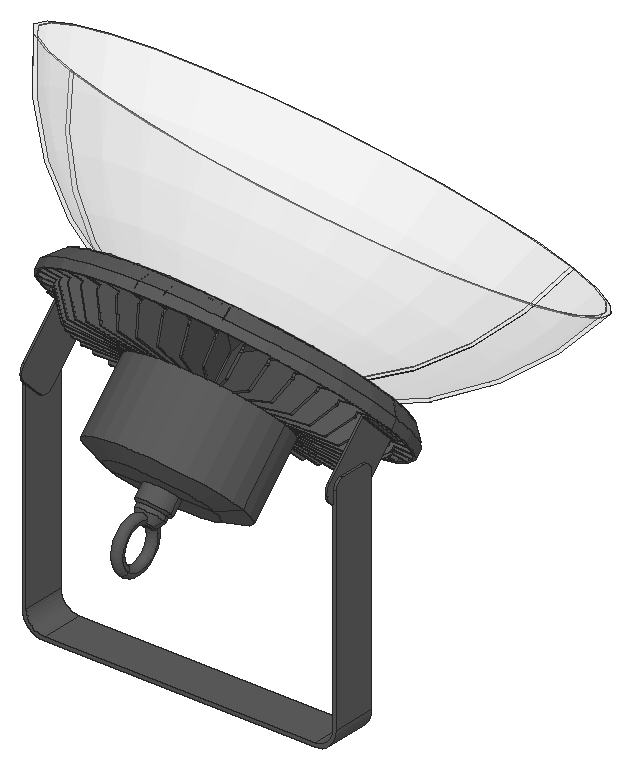
Revit family "0039344+0039353+0039358 Feilo Sylvania Lighting Fixture START HIGHBAY 4K 13KLM MEDIUM with BRACKET and PC LAMPSHADE TRANSPARENT", category Lighting Fixtures, host Face, Revit 2017 (continued)
Definition of nested family "Start LED Highbay Head"
  Dimensions and locks
    "RHRadius2_FEILO": plane 3 "Center (Left/Right)" to plane 32
    "RHHeight3_FEILO": plane 31 to plane 33
    "RHHeight4_FEILO": plane 33 to plane 34
    "RHRadius3_FEILO": plane 3 "Center (Left/Right)" to plane 35
    "RHHeight1_FEILO": plane 28 to plane 30
    "EyeInner_FEILO": plane 34 to plane 36
    "EyeInner_FEILO": plane 36 to plane 37
    equal spacing: plane 38, plane 3 "Center (Left/Right)", plane 39
    "EyeThickness_FEILO": plane 38 to plane 39
    "EyeThickness_FEILO": plane 37 to plane 40
    equal spacing: plane 37, plane 41, plane 40
    equal spacing: plane 6, plane 42, plane 18
    "ThicknessBracket_FEILO": plane 45 to plane 6
    "ThicknessBracket_FEILO": plane 8 to plane 44
    locked: plane 43 to plane 18 at 1
    equal spacing: plane 24, plane 46, plane 26
    equal spacing: plane 47, plane 1 "Center (Front/Back)", plane 48
    "WidthBracket_FEILO": plane 47 to plane 48
    "WidthRingChamfer_FEILO": plane 50 to plane 49
    "ThicknessWall_FEILO": plane 51 to plane 49
    equal spacing: plane 50, plane 52, plane 51
    "ThicknessBracket_FEILO": plane 54 to plane 50
    locked: plane 53 to plane 51 at 1
    "Radius_FEILO": plane 49 to plane 3 "Center (Left/Right)"
    "ShadeRadiusOut_FEILO": plane 3 "Center (Left/Right)" to plane 55
    "ShadeHeight_FEILO": plane 56 to plane 4
    "ShadeRadiusIn_FEILO": plane 3 "Center (Left/Right)" to plane 57
    locked: plane 58 to plane 57 at 8
    "ShadeThickness_FEILO": plane 60 to plane 4
    "ShadeThickness_FEILO": plane 59 to plane 55
    "EyeThicknessHalf_FEILO": radius of curve 8
    "ThicknessBracket_FEILO": radius of Extrusion 7 sketch curve  (x2)
    "ThicknessBracketHalf_FEILO": radius of Extrusion 7 sketch curve  (x2)
    "ShadeRadiusBend_FEILO": radius of curve 9
    aligned and locked: plane 2 to Extrusion 1
    aligned and locked: level to Extrusion 1
    aligned and locked: plane 5 to curve 1
    aligned and locked: plane 6 to curve 1
    aligned and locked: plane 7 to curve 1
    aligned and locked: plane 10 to curve 2
    aligned and locked: plane 9 to curve 3
    aligned and locked: plane 4 to curve 3
    aligned and locked: plane 11 to curve 3
    aligned and locked: plane 4 to curve 4
    aligned and locked: plane 18 to curve 5
    aligned and locked: plane 10 to curve 5
    aligned and locked: Revolve 2 sketch curve to plane 3 "Center (Left/Right)"
    aligned and locked: Revolve 2 sketch curve to curve 3
    aligned and locked: Revolve 2 sketch curve to curve 1
    aligned and locked: plane 4 to Revolve 2 sketch curve
    aligned and locked: plane 9 to Revolve 2 sketch curve
    aligned and locked: Revolve 2 sketch curve to plane 13
    aligned and locked: Revolve 2 sketch curve to plane 10
    aligned and locked: plane 13 to Revolve 2 sketch curve
    aligned and locked: plane 10 to Revolve 2 sketch curve
    aligned and locked: Revolve 2 sketch curve to plane 18
    aligned and locked: Revolve 2 sketch curve to plane 8
    aligned and locked: plane 5 to Revolve 2 sketch curve  (x2)
    aligned and locked: Revolve 3 sketch curve to plane 3 "Center (Left/Right)"
    aligned and locked: plane 11 to Revolve 3 sketch curve
    aligned and locked: Revolve 3 sketch curve to curve 2
    aligned and locked: plane 15 to Revolve 3 sketch curve
    aligned and locked: Revolve 3 sketch curve to plane 16
    aligned and locked: plane 17 to Revolve 3 sketch curve  (x2)
    aligned and locked: Revolve 3 sketch curve to plane 12
    aligned and locked: plane 7 to Revolve 3 sketch curve
    aligned and locked: Revolve 4 sketch curve to plane 3 "Center (Left/Right)"
    aligned and locked: Revolve 4 sketch curve to plane 14
    aligned and locked: plane 3 "Center (Left/Right)" to Revolve 4 sketch curve
    aligned and locked: Revolve 4 sketch curve to plane 12
    aligned and locked: plane 15 to Revolve 4 sketch curve
    aligned and locked: Revolve 2 sketch curve to curve 5
    aligned and locked: plane 22 to curve 6
    aligned and locked: plane 21 to curve 6
    aligned and locked: plane 20 to curve 6
    aligned and locked: plane 19 to curve 6
    aligned and locked: plane 33 to curve 7
    aligned and locked: plane 32 to curve 7
    aligned and locked: plane 35 to curve 7
    aligned and locked: plane 34 to curve 7
    aligned and locked: Revolve 5 sketch curve to plane 3 "Center (Left/Right)"
    aligned and locked: Revolve 5 sketch curve to plane 25
    aligned and locked: plane 27 to Revolve 5 sketch curve
    aligned and locked: plane 28 to Revolve 5 sketch curve
    aligned and locked: plane 30 to Revolve 5 sketch curve
    aligned and locked: Revolve 5 sketch curve to plane 29
    aligned and locked: plane 31 to Revolve 5 sketch curve
    aligned and locked: Revolve 5 sketch curve to curve 7
    aligned and locked: Revolve 5 sketch curve to plane 32
    aligned and locked: plane 34 to Revolve 5 sketch curve
    aligned and locked: plane 3 "Center (Left/Right)" to Revolve 5 sketch curve
    aligned and locked: plane 3 "Center (Left/Right)" to curve 8
    aligned and locked: plane 41 to curve 8
    aligned and locked: Revolve 6 sketch curve to plane 36
    aligned and locked: Revolve 6 sketch curve to curve 8
    aligned and locked: plane 43 to Extrusion 7 sketch curve  (x2)
    aligned and locked: plane 8 to Extrusion 7 sketch curve  (x3)
    aligned and locked: Extrusion 7 sketch curve to plane 45
    aligned and locked: Extrusion 7 sketch curve to plane 46  (x2)
    aligned and locked: plane 6 to Extrusion 7 sketch curve
    aligned and locked: Extrusion 7 sketch curve to plane 44  (x2)
    aligned and locked: Extrusion 7 to plane 48
    aligned and locked: plane 47 to Extrusion 7
    aligned and locked: plane 53 to Extrusion 7 sketch curve
    aligned and locked: plane 50 to Extrusion 7 sketch curve
    aligned and locked: Extrusion 7 sketch curve to plane 54
    aligned and locked: Extrusion 8 sketch curve to Extrusion 8 sketch curve
    aligned and locked: Extrusion 8 to plane 6
    aligned and locked: Extrusion 8 to Extrusion 7
    aligned and locked: Revolve 5 sketch curve to plane 22
    aligned and locked: plane 23 to nested 1
    aligned and locked: plane 1 "Center (Front/Back)" to nested 1
    aligned and locked: Revolve 9 sketch curve to plane 3 "Center (Left/Right)"
    aligned and locked: Revolve 9 sketch curve to plane 4
    aligned and locked: plane 6 to Revolve 9 sketch curve
    aligned and locked: plane 4 to Revolve 9 sketch curve
    aligned and locked: plane 7 to Revolve 9 sketch curve
    aligned and locked: Revolve 9 sketch curve to plane 5
    aligned and locked: plane 8 to Revolve 9 sketch curve  (x2)
    aligned and locked: Revolve 9 sketch curve to plane 19
    aligned and locked: plane 20 to Revolve 9 sketch curve
    aligned and locked: plane 19 to Revolve 9 sketch curve
    aligned and locked: plane 21 to Revolve 9 sketch curve
    aligned and locked: plane 22 to Revolve 9 sketch curve  (x2)
    aligned and locked: Revolve 9 sketch curve to Revolve 9 sketch curve
    aligned and locked: imposter light to plane 4
    aligned and locked: plane 3 "Center (Left/Right)" to imposter light
    aligned and locked: imposter light to plane 1 "Center (Front/Back)"
    aligned and locked: plane 55 to curve 9
    aligned and locked: plane 56 to curve 9
    aligned and locked: plane 57 to curve 9
    aligned and locked: plane 4 to curve 9
    aligned and locked: Revolve 10 sketch curve to curve 9
    aligned and locked: plane 58 to Revolve 10 sketch curve
    aligned and locked: plane 57 to Revolve 10 sketch curve
    aligned and locked: plane 56 to Revolve 10 sketch curve  (x2)
    aligned and locked: Revolve 10 sketch curve to plane 58
    aligned and locked: plane 60 to Revolve 10 sketch curve
  Automatic sketch dimensions
    Extrusion 1 sketch curve to Extrusion 1 sketch curve = 2438.4 mm  (x2)
    Revolve 2 sketch curve to plane 6 = 0.299 mm
    plane 6 to Revolve 2 sketch curve = 0.459 mm
    Revolve 2 sketch curve to level = 609.6 mm
    Revolve 2 sketch curve to Revolve 2 sketch curve = 2312.223 mm
    Revolve 3 sketch curve to plane 12 = 0 mm
    Revolve 3 sketch curve to plane 3 "Center (Left/Right)" = 0 mm
    Revolve 3 sketch curve to level = 609.6 mm
    Revolve 3 sketch curve to plane 4 = 2339.058 mm
    Revolve 4 sketch curve to level = 609.6 mm
    Revolve 4 sketch curve to plane 4 = 2339.058 mm
    Revolve 6 sketch curve to plane 5 = 1080 mm
    plane 38 to Revolve 6 sketch curve = 1219.2 mm
    Extrusion 8 sketch curve to plane 47 = 0 mm
    plane 46 to Extrusion 8 sketch curve = 0 mm  (x2)
    Extrusion 8 sketch curve to plane 48 = 0 mm
    plane 47 to Extrusion 8 sketch curve = 5 mm
    plane 1 "Center (Front/Back)" to Extrusion 8 sketch curve = 10 mm
    Extrusion 8 sketch curve to Extrusion 8 sketch curve = 10 mm
    plane 46 to Extrusion 8 sketch curve = 5 mm
    Extrusion 8 sketch curve to Extrusion 8 sketch curve = 5 mm
    Extrusion 8 sketch curve to plane 48 = 5 mm
    Revolve 5 sketch curve to plane 26 = 0 mm
    Revolve 5 sketch curve to plane 35 = 0.437 mm
    plane 35 to Revolve 5 sketch curve = 0.847 mm
    Revolve 5 sketch curve to plane 34 = 0.726 mm
    plane 40 to Revolve 5 sketch curve = 590.2 mm
    Revolve 5 sketch curve to plane 4 = 2339.058 mm
    Revolve 9 sketch curve to level = 609.6 mm
    Revolve 9 sketch curve to Revolve 9 sketch curve = 2386.058 mm
    curve 2 to plane 3 "Center (Left/Right)" = 0 mm
    Revolve 10 sketch curve to Revolve 10 sketch curve = 0 mm  (x2)
    Revolve 10 sketch curve to plane 3 "Center (Left/Right)" = 0 mm
    plane 57 to Revolve 10 sketch curve = 0.659 mm
    Revolve 10 sketch curve to level = 609.6 mm
    Revolve 10 sketch curve to Revolve 10 sketch curve = 2068.248 mm
  Nested families
    nested 1: "Start Highbay Rib" at (0, 0, 67.775), type "Type Name", detail levels medium+fine
      with SuspensionHeight_FEILO 2.6 mm
    nested 2: "Start Highbay Rib" at (0, 0, 67.775) x (0.9877, 0.1564, 0) z (0, 0, 1), type "Type Name", detail levels medium+fine
      with SuspensionHeight_FEILO 2.6 mm
    nested 3: "Start Highbay Rib" at (0, 0, 67.775) x (0.9511, 0.309, 0) z (0, 0, 1), type "Type Name", detail levels medium+fine
      with SuspensionHeight_FEILO 2.6 mm
    nested 4: "Start Highbay Rib" at (0, 0, 67.775) x (0.891, 0.454, 0) z (0, 0, 1), type "Type Name", detail levels medium+fine
      with SuspensionHeight_FEILO 2.6 mm
    nested 5: "Start Highbay Rib" at (0, 0, 67.775) x (0.809, 0.5878, 0) z (0, 0, 1), type "Type Name", detail levels medium+fine
      with SuspensionHeight_FEILO 2.6 mm
    nested 6: "Start Highbay Rib" at (0, 0, 67.775) x (0.7071, 0.7071, 0) z (0, 0, 1), type "Type Name", detail levels medium+fine
      with SuspensionHeight_FEILO 2.6 mm
    nested 7: "Start Highbay Rib" at (0, 0, 67.775) x (0.5878, 0.809, 0) z (0, 0, 1), type "Type Name", detail levels medium+fine
      with SuspensionHeight_FEILO 2.6 mm
    nested 8: "Start Highbay Rib" at (0, 0, 67.775) x (0.454, 0.891, 0) z (0, 0, 1), type "Type Name", detail levels medium+fine
      with SuspensionHeight_FEILO 2.6 mm
    nested 9: "Start Highbay Rib" at (0, 0, 67.775) x (0.309, 0.9511, 0) z (0, 0, 1), type "Type Name", detail levels medium+fine
      with SuspensionHeight_FEILO 2.6 mm
    nested 10: "Start Highbay Rib" at (0, 0, 67.775) x (0.1564, 0.9877, 0) z (0, 0, 1), type "Type Name", detail levels medium+fine
      with SuspensionHeight_FEILO 2.6 mm
    nested 11: "Start Highbay Rib" at (0, 0, 67.775) x (0, 1, 0) z (0, 0, 1), type "Type Name", detail levels medium+fine
      with SuspensionHeight_FEILO 2.6 mm
    nested 12: "Start Highbay Rib" at (0, 0, 67.775) x (-0.1564, 0.9877, 0) z (0, 0, 1), type "Type Name", detail levels medium+fine
      with SuspensionHeight_FEILO 2.6 mm
    nested 13: "Start Highbay Rib" at (0, 0, 67.775) x (-0.309, 0.9511, 0) z (0, 0, 1), type "Type Name", detail levels medium+fine
      with SuspensionHeight_FEILO 2.6 mm
    nested 14: "Start Highbay Rib" at (0, 0, 67.775) x (-0.454, 0.891, 0) z (0, 0, 1), type "Type Name", detail levels medium+fine
      with SuspensionHeight_FEILO 2.6 mm
    nested 15: "Start Highbay Rib" at (0, 0, 67.775) x (-0.5878, 0.809, 0) z (0, 0, 1), type "Type Name", detail levels medium+fine
      with SuspensionHeight_FEILO 2.6 mm
    nested 16: "Start Highbay Rib" at (0, 0, 67.775) x (-0.7071, 0.7071, 0) z (0, 0, 1), type "Type Name", detail levels medium+fine
      with SuspensionHeight_FEILO 2.6 mm
    nested 17: "Start Highbay Rib" at (0, 0, 67.775) x (-0.809, 0.5878, 0) z (0, 0, 1), type "Type Name", detail levels medium+fine
      with SuspensionHeight_FEILO 2.6 mm
    nested 18: "Start Highbay Rib" at (0, 0, 67.775) x (-0.891, 0.454, 0) z (0, 0, 1), type "Type Name", detail levels medium+fine
      with SuspensionHeight_FEILO 2.6 mm
    nested 19: "Start Highbay Rib" at (0, 0, 67.775) x (-0.9511, 0.309, 0) z (0, 0, 1), type "Type Name", detail levels medium+fine
      with SuspensionHeight_FEILO 2.6 mm
    nested 20: "Start Highbay Rib" at (0, 0, 67.775) x (-0.9877, 0.1564, 0) z (0, 0, 1), type "Type Name", detail levels medium+fine
      with SuspensionHeight_FEILO 2.6 mm
    nested 21: "Start Highbay Rib" at (0, 0, 67.775) x (-1, 0, 0) z (0, 0, 1), type "Type Name", detail levels medium+fine
      with SuspensionHeight_FEILO 2.6 mm
    nested 22: "Start Highbay Rib" at (0, 0, 67.775) x (-0.9877, -0.1564, 0) z (0, 0, 1), type "Type Name", detail levels medium+fine
      with SuspensionHeight_FEILO 2.6 mm
    nested 23: "Start Highbay Rib" at (0, 0, 67.775) x (-0.9511, -0.309, 0) z (0, 0, 1), type "Type Name", detail levels medium+fine
      with SuspensionHeight_FEILO 2.6 mm
    nested 24: "Start Highbay Rib" at (0, 0, 67.775) x (-0.891, -0.454, 0) z (0, 0, 1), type "Type Name", detail levels medium+fine
      with SuspensionHeight_FEILO 2.6 mm
    nested 25: "Start Highbay Rib" at (0, 0, 67.775) x (-0.809, -0.5878, 0) z (0, 0, 1), type "Type Name", detail levels medium+fine
      with SuspensionHeight_FEILO 2.6 mm
    nested 26: "Start Highbay Rib" at (0, 0, 67.775) x (-0.7071, -0.7071, 0) z (0, 0, 1), type "Type Name", detail levels medium+fine
      with SuspensionHeight_FEILO 2.6 mm
    nested 27: "Start Highbay Rib" at (0, 0, 67.775) x (-0.5878, -0.809, 0) z (0, 0, 1), type "Type Name", detail levels medium+fine
      with SuspensionHeight_FEILO 2.6 mm
    nested 28: "Start Highbay Rib" at (0, 0, 67.775) x (-0.454, -0.891, 0) z (0, 0, 1), type "Type Name", detail levels medium+fine
      with SuspensionHeight_FEILO 2.6 mm
    nested 29: "Start Highbay Rib" at (0, 0, 67.775) x (-0.309, -0.9511, 0) z (0, 0, 1), type "Type Name", detail levels medium+fine
      with SuspensionHeight_FEILO 2.6 mm
    nested 30: "Start Highbay Rib" at (0, 0, 67.775) x (-0.1564, -0.9877, 0) z (0, 0, 1), type "Type Name", detail levels medium+fine
      with SuspensionHeight_FEILO 2.6 mm
    nested 31: "Start Highbay Rib" at (0, 0, 67.775) x (0, -1, 0) z (0, 0, 1), type "Type Name", detail levels medium+fine
      with SuspensionHeight_FEILO 2.6 mm
    nested 32: "Start Highbay Rib" at (0, 0, 67.775) x (0.1564, -0.9877, 0) z (0, 0, 1), type "Type Name", detail levels medium+fine
      with SuspensionHeight_FEILO 2.6 mm
    nested 33: "Start Highbay Rib" at (0, 0, 67.775) x (0.309, -0.9511, 0) z (0, 0, 1), type "Type Name", detail levels medium+fine
      with SuspensionHeight_FEILO 2.6 mm
    nested 34: "Start Highbay Rib" at (0, 0, 67.775) x (0.454, -0.891, 0) z (0, 0, 1), type "Type Name", detail levels medium+fine
      with SuspensionHeight_FEILO 2.6 mm
    nested 35: "Start Highbay Rib" at (0, 0, 67.775) x (0.5878, -0.809, 0) z (0, 0, 1), type "Type Name", detail levels medium+fine
      with SuspensionHeight_FEILO 2.6 mm
    nested 36: "Start Highbay Rib" at (0, 0, 67.775) x (0.7071, -0.7071, 0) z (0, 0, 1), type "Type Name", detail levels medium+fine
      with SuspensionHeight_FEILO 2.6 mm
    nested 37: "Start Highbay Rib" at (0, 0, 67.775) x (0.809, -0.5878, 0) z (0, 0, 1), type "Type Name", detail levels medium+fine
      with SuspensionHeight_FEILO 2.6 mm
    nested 38: "Start Highbay Rib" at (0, 0, 67.775) x (0.891, -0.454, 0) z (0, 0, 1), type "Type Name", detail levels medium+fine
      with SuspensionHeight_FEILO 2.6 mm
    nested 39: "Start Highbay Rib" at (0, 0, 67.775) x (0.9511, -0.309, 0) z (0, 0, 1), type "Type Name", detail levels medium+fine
      with SuspensionHeight_FEILO 2.6 mm
    nested 40: "Start Highbay Rib" at (0, 0, 67.775) x (0.9877, -0.1564, 0) z (0, 0, 1), type "Type Name", detail levels medium+fine
      with SuspensionHeight_FEILO 2.6 mm
  Definition of nested family "Start Highbay Rib"
    Parameters (values of type "Type Name")
      WidthStraight_FEILO = if(SizeS_FEILO, 3 mm, if(SizeM_FEILO, 4 mm, 4.7 mm))  # 3 mm
      WidthRingChamfer_FEILO = if(SizeS_FEILO, 10.3 mm, if(SizeM_FEILO, 11.2 mm, 12.9 mm))  # 10.3 mm
      WidthCurved_FEILO = if(SizeS_FEILO, 17.4 mm, if(SizeM_FEILO, 16.4 mm, 26.2 mm))  # 17.4 mm
      WidthCurvedRing_FEILO = if(SizeS_FEILO, 3 mm, if(SizeM_FEILO, 4 mm, 4.7 mm))  # 3 mm
      WidthBracket_FEILO = 40 mm
      URL = "http://www.feilosylvania.com"
      Type Image = (empty or 0)
      Type Comments = "n/a"
      ThicknessWall_FEILO = 1.5 mm
      ThicknessBracket_FEILO = 1.5 mm
      ThicknessBracketHalf_FEILO = ThicknessBracket_FEILO / 2  # 0.75 mm
      SuspensionHeight_FEILO [instance] = 2.6 mm
      SizeS_FEILO = yes
      SizeM_FEILO = no
      Rib4_FEILO = if(SizeS_FEILO, 18.1 mm, if(SizeM_FEILO, 13.6 mm, 14.6 mm))  # 18.1 mm
      Rib3_FEILO = if(SizeS_FEILO, 15.3 mm, if(SizeM_FEILO, 17.6 mm, 20.2 mm))  # 15.3 mm
      Rib2_FEILO = if(SizeS_FEILO, 3.6 mm, if(SizeM_FEILO, 3.9 mm, 4.5 mm))  # 3.6 mm
      Rib1_FEILO = if(SizeS_FEILO, 15.1 mm, if(SizeM_FEILO, 16.5 mm, 19 mm))  # 15.1 mm
      RadiusRib_FEILO = 2 mm
      RadiusDiffuser_FEILO = if(SizeS_FEILO, 95.2 mm, if(SizeM_FEILO, 105.3 mm, 120 mm))  # 95.2 mm
      RHRadius3_FEILO = if(SizeS_FEILO, 6.6 mm, if(SizeM_FEILO, 7.4 mm, 8.6 mm))  # 6.6 mm
      RHRadius2_FEILO = if(SizeS_FEILO, 11 mm, if(SizeM_FEILO, 12 mm, 14 mm))  # 11 mm
      RHRadius1_FEILO = if(SizeS_FEILO, 13.6 mm, if(SizeM_FEILO, 14.9 mm, 17.7 mm))  # 13.6 mm
      RHHeight4_FEILO = if(SizeS_FEILO, 7.3 mm, if(SizeM_FEILO, 8 mm, 9.2 mm))  # 7.3 mm
      RHHeight3_FEILO = if(SizeS_FEILO, 3.6 mm, if(SizeM_FEILO, 3.7 mm, 4.6 mm))  # 3.6 mm
      RHHeight2_FEILO = if(SizeS_FEILO, 2 mm, if(SizeM_FEILO, 2.2 mm, 2.6 mm))  # 2 mm
      RHHeight1_FEILO = if(SizeS_FEILO, 11.8 mm, if(SizeM_FEILO, 15.3 mm, 17.4 mm))  # 11.8 mm
      Material_3_FEILO = none
      Model = ""
      Manufacturer = "Feilo Sylvania"
      Keynote = "16500"
      HeightRing_FEILO = if(SizeS_FEILO, 19.8 mm, if(SizeM_FEILO, 32 mm, 36.8 mm))  # 19.8 mm
      HeightRingChamfer_FEILO = if(SizeS_FEILO, 11.7 mm, if(SizeM_FEILO, 23.2 mm, 26.6 mm))  # 11.7 mm
      EyeThickness_FEILO = if(SizeS_FEILO, 8.4 mm, if(SizeM_FEILO, 9.2 mm, 10.5 mm))  # 8.4 mm
      EyeThicknessHalf_FEILO = EyeThickness_FEILO / 2  # 4.2 mm
      EyeInner_FEILO = if(SizeS_FEILO, 13.8 mm, if(SizeM_FEILO, 15.1 mm, 17.3 mm))  # 13.8 mm
      DriverVerticalStraight_FEILO = if(SizeS_FEILO, 46.5 mm, if(SizeM_FEILO, 49.7 mm, 57 mm))  # 46.5 mm
      DriverVerticalChamfer_FEILO = if(SizeS_FEILO, 7.5 mm, if(SizeM_FEILO, 8.2 mm, 9.5 mm))  # 7.5 mm
      DriverRadius_FEILO = if(SizeS_FEILO, 61.4 mm, if(SizeM_FEILO, 67.2 mm, 76.4 mm))  # 61.4 mm
      DriverRadiusTop_FEILO = if(SizeS_FEILO, 42 mm, if(SizeM_FEILO, 45.3 mm, 52.4 mm))  # 42 mm
      DriverBottom_FEILO = if(SizeS_FEILO, 56 mm, if(SizeM_FEILO, 64.5 mm, 74 mm))  # 56 mm
      Material_2_FEILO = none
      Radius_FEILO = if(SizeS_FEILO, 135 mm, if(SizeM_FEILO, 148 mm, 169.5 mm))  # 135 mm
      Description = ""
      Default Elevation = 1219.2 mm
      Cost = 0
      Material_1_FEILO = none
      Assembly Code = "D5020200"
      Material_4_FEILO = none
    Reference planes
      plane 1 "Center (Front/Back)": y = 0
      plane 2: z = 0
      plane 3 "Center (Left/Right)": x = 0
      plane 4: z = 2.6
      plane 5: x = -135
      plane 6: x = -124.7
      plane 7: z = -9.1
      plane 8: z = -17.2
      plane 9: x = -121.7
      plane 10: z = -0.025
      plane 11: x = -104.3
      plane 12: x = -95.2
      plane 13: x = -118.7
      plane 14: z = 0.975
      plane 15: z = -1.025
      plane 16: x = -92.2
      plane 17: z = -2.025
      plane 18: x = -133.5
      plane 19: x = -119.9
      plane 20: z = -20.8
      plane 21: x = -104.6
      plane 22: z = -38.9
      plane 23: x = -20
      plane 24: z = -53.4
      plane 25: x = -61.4
      plane 26: z = -99.9
      plane 27: x = -42
      plane 28: z = -107.4
      plane 29: x = -13.6
      plane 30: z = -119.2
      plane 31: z = -121.2
      plane 32: x = -11
      plane 33: z = -124.8
      plane 34: z = -132.1
      plane 35: x = -6.6
      plane 36: z = -145.9
      plane 37: z = -159.7
      plane 38: x = 4.2
      plane 39: x = -4.2
      plane 40: z = -168.1
      plane 41: z = -163.9
      plane 42: x = -129.1
      plane 43: x = -132.5
      plane 44: z = -18.7
      plane 45: x = -123.2
      plane 46: z = -76.65
      plane 47: y = -20
      plane 48: y = 20
      plane 49: x = 135
      plane 50: x = 124.7
      plane 51: x = 133.5
      plane 52: x = 129.1
      plane 53: x = 132.5
      plane 54: x = 123.2
      plane 55: y = 0.75
      plane 56: y = -0.75
    Forms (mm)
      Extrusion 1, solid
        sketch origin (4.2, 0, 0) x (1, 0, 0) y (0, 1, 0)
          loop
            line (-1219.2, 1219.2) -> (-1219.2, -1219.2) -> (1219.2, -1219.2) -> (1219.2, 1219.2) -> (-1219.2, 1219.2)
        from 0 to -68.017
      Extrusion 2, solid, material <- "Material_1_FEILO"
        sketch origin (0, 0, 0) x (1, 0, 0) y (0, 0, 1)
          loop
            arc (-104.3, -0.025) -> (-111.555, 0.423) -> (-118.7, 1.76) r 58.981
            line (-118.7, 1.76) -> (-118.7, -0.025) -> (-125.012, -0.025) -> (-133.5, -9.666) -> (-133.5, -17.2) -> (-119.9, -17.2) -> (-119.9, -20.068)
            arc (-119.9, -20.068) -> (-119.778, -20.755) -> (-119.427, -21.359) r 2
            line (-119.427, -21.359) -> (-104.966, -38.467)
            arc (-104.966, -38.467) -> (-104.381, -38.789) -> (-103.723, -38.9) r 2
            line (-103.723, -38.9) -> (-20, -38.9) -> (-20, -9.1) -> (-95.2, -9.1) -> (-95.2, -2.025) -> (-104.3, -2.025) -> (-104.3, -0.025)
        from -0.75 to 0.75
    Lines and regions (mm)
      reference lines
        curve 1: line (-135, 0, -9.1) -> (-124.7, 0, 2.6)
        curve 2: line (-104.3, 0, -0.025) -> (0, 0, -0.025)
        curve 3: arc (-104.3, 0, -0.025) -> (-113.098, 0, 0.635) -> (-121.7, 0, 2.6) r 58.981
        curve 4: line (-124.7, 0, 2.6) -> (-121.7, 0, 2.6)
        curve 5: line (-125.012, 0, -0.025) -> (-133.5, 0, -9.666)
        curve 6: line (-119.9, 0, -20.8) -> (-104.6, 0, -38.9)
    Dimensions and locks
      "Radius_FEILO": plane 3 "Center (Left/Right)" to plane 5
      "WidthRingChamfer_FEILO": plane 6 to plane 5
      "WidthStraight_FEILO": plane 9 to plane 6
      "WidthCurvedRing_FEILO": plane 13 to plane 9
      locked: plane 10 to plane 15 at 1
      locked: plane 14 to plane 10 at 1
      locked: plane 4 to plane 10 at 2.625
      locked: plane 15 to plane 17 at 1
      "ThicknessWall_FEILO": plane 18 to plane 5
      "ThicknessWall_FEILO": curve 5 to curve 1
      "HeightRingChamfer_FEILO": plane 4 to plane 7
      "HeightRing_FEILO": plane 4 to plane 8
      "RadiusDiffuser_FEILO": plane 3 "Center (Left/Right)" to plane 12
      locked: plane 16 to plane 12 at 3
      "WidthCurved_FEILO": plane 11 to plane 9
      "SuspensionHeight_FEILO": plane 4 to plane 2
      "Rib1_FEILO": plane 19 to plane 5
      "Rib2_FEILO": plane 8 to plane 20
      "Rib3_FEILO": plane 21 to plane 19
      "Rib4_FEILO": plane 20 to plane 22
      locked: plane 3 "Center (Left/Right)" to plane 23 at 20
      "DriverBottom_FEILO": plane 4 to plane 24
      "DriverRadius_FEILO": plane 3 "Center (Left/Right)" to plane 25
      "DriverVerticalStraight_FEILO": plane 24 to plane 26
      "DriverRadiusTop_FEILO": plane 3 "Center (Left/Right)" to plane 27
      "DriverVerticalChamfer_FEILO": plane 26 to plane 28
      "RHRadius1_FEILO": plane 3 "Center (Left/Right)" to plane 29
      "RHHeight2_FEILO": plane 30 to plane 31
      "RHRadius2_FEILO": plane 3 "Center (Left/Right)" to plane 32
      "RHHeight3_FEILO": plane 31 to plane 33
      "RHHeight4_FEILO": plane 33 to plane 34
      "RHRadius3_FEILO": plane 3 "Center (Left/Right)" to plane 35
      "RHHeight1_FEILO": plane 28 to plane 30
      "EyeInner_FEILO": plane 34 to plane 36
      "EyeInner_FEILO": plane 36 to plane 37
      equal spacing: plane 38, plane 3 "Center (Left/Right)", plane 39
      "EyeThickness_FEILO": plane 38 to plane 39
      "EyeThickness_FEILO": plane 37 to plane 40
      equal spacing: plane 37, plane 41, plane 40
      equal spacing: plane 6, plane 42, plane 18
      "ThicknessBracket_FEILO": plane 45 to plane 6
      "ThicknessBracket_FEILO": plane 8 to plane 44
      locked: plane 43 to plane 18 at 1
      equal spacing: plane 24, plane 46, plane 26
      equal spacing: plane 47, plane 1 "Center (Front/Back)", plane 48
      "WidthBracket_FEILO": plane 47 to plane 48
      "WidthRingChamfer_FEILO": plane 50 to plane 49
      "ThicknessWall_FEILO": plane 51 to plane 49
      equal spacing: plane 50, plane 52, plane 51
      "ThicknessBracket_FEILO": plane 54 to plane 50
      locked: plane 53 to plane 51 at 1
      "Radius_FEILO": plane 49 to plane 3 "Center (Left/Right)"
      equal spacing: plane 56, plane 1 "Center (Front/Back)", plane 55
      "ThicknessWall_FEILO": plane 56 to plane 55
      "RadiusRib_FEILO": radius of Extrusion 2 sketch curve  (x2)
      aligned and locked: plane 2 to Extrusion 1
      aligned and locked: level to Extrusion 1
      aligned and locked: plane 5 to curve 1
      aligned and locked: plane 6 to curve 1
      aligned and locked: plane 7 to curve 1
      aligned and locked: plane 10 to curve 2
      aligned and locked: plane 9 to curve 3
      aligned and locked: plane 4 to curve 3
      aligned and locked: plane 11 to curve 3
      aligned and locked: plane 4 to curve 4
      aligned and locked: plane 18 to curve 5
      aligned and locked: plane 10 to curve 5
      aligned and locked: plane 22 to curve 6
      aligned and locked: plane 21 to curve 6
      aligned and locked: plane 20 to curve 6
      aligned and locked: plane 19 to curve 6
      aligned and locked: Extrusion 2 sketch curve to plane 23
      aligned and locked: Extrusion 2 sketch curve to plane 22
      aligned and locked: Extrusion 2 sketch curve to curve 6
      aligned and locked: plane 19 to Extrusion 2 sketch curve
      aligned and locked: Extrusion 2 sketch curve to plane 8
      aligned and locked: Extrusion 2 sketch curve to curve 5
      aligned and locked: Extrusion 2 sketch curve to curve 3
      aligned and locked: Extrusion 2 to plane 55
      aligned and locked: plane 56 to Extrusion 2
      aligned and locked: curve 6 to Extrusion 2 sketch curve
    Automatic sketch dimensions
      Extrusion 1 sketch curve to Extrusion 1 sketch curve = 2438.4 mm  (x2)
      curve 2 to plane 3 "Center (Left/Right)" = 0 mm
      Extrusion 2 sketch curve to plane 18 = 0 mm
      Extrusion 2 sketch curve to plane 10 = 0 mm
      Extrusion 2 sketch curve to plane 13 = 0 mm
      Extrusion 2 sketch curve to plane 7 = 0 mm
      Extrusion 2 sketch curve to plane 12 = 0 mm
      Extrusion 2 sketch curve to plane 17 = 0 mm
      plane 19 to Extrusion 2 sketch curve = 0.473 mm
      Extrusion 2 sketch curve to plane 21 = 0.366 mm
